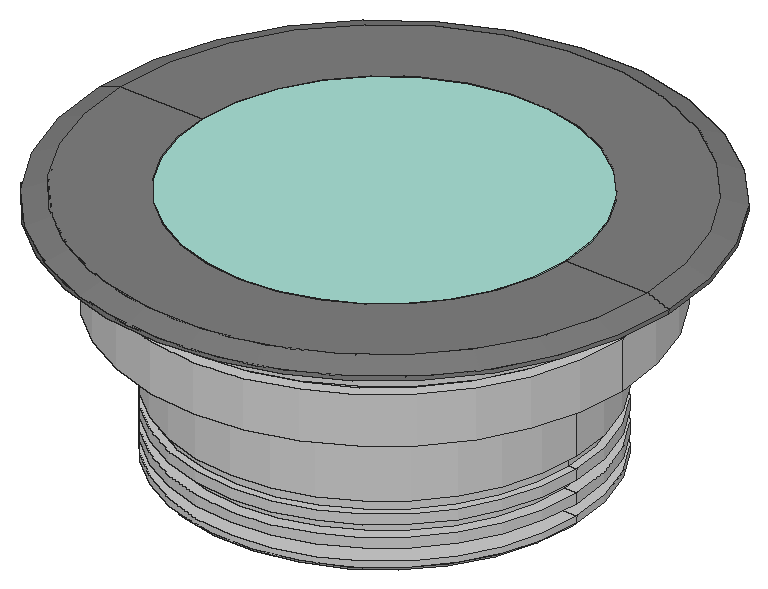
Revit family "Bright 5.F", category Lighting Fixtures, host Face, Revit 2017 (continued)
Types (16, lengths in mm): name | Wattage | Power | Photometric Web File | Optics | built-in parameter 1150142 | built-in parameter 1150105 | Lumens | built-in parameter 1150106 | Apparent Load Phase 1
    2338.52 2068.99 \r\n1785.78 1526.67 1280.25 1073.26 898.07 739.88 616.51 \r\n519.26 440.33 378.20 325.15 281.19 245.64 214.02 187.04 \r\n164.62 144.18 126.80 111.50 97.85 86.70 76.66 67.86 60.40 \r\n53.99 48.15 43.00 38.59 34.54 30.78 27.37 24.04 21.12 \r\n18.70 16.54 14.90 13.59 12.49 11.48 10.52 9.65 8.78 7.93 \r\n7.13 6.28 5.45 4.72 4.07 3.53 3.04 2.62 2.28 2.00 1.76 \r\n1.58 1.42 1.28 1.16 1.04 0.95 0.85 0.77 0.70 0.62 0.54 \r\n0.46 0.39 0.32 0.27 0.24 0.22 0.19 0.18 0.16 0.15 0.14 \r\n0.12 0.11 0.10 0.08 0.07 0.04 0.02 0.00 0.00 0.00 0.00 \r\n0.00 0.00 0.00 0.00 0.00 0.00 0.00 0.00 0.00 0.00 0.00 \r\n0.00 0.00 0.00 0.00 0.00 0.00 0.00 0.00 0.00 0.00 0.00 \r\n0.00 0.00 0.00 0.00 0.00 0.00 0.00 0.00 0.00 0.00 0.00 \r\n0.00 0.00 0.00 0.00 0.00 0.00 0.00 0.00 0.00 0.00 0.00 \r\n0.00 0.00 0.00 0.00 0.00 0.00 0.00 0.00 0.00 0.00 0.00 \r\n0.00 0.00 0.00 0.00 0.00 0.00 0.00 0.00 0.00 0.00 0.00 \r\n0.00 0.00 0.00 0.00 0.00 0.00 0.00 0.00 0.00 0.00 0.00 \r\n0.00 0.00 0.00 0.00 0.00 0.00 0.00 0.00 0.00 0.00 \r\n3191.58 3133.44 2996.91 2818.58 2575.12 2308.48 2034.18 \r\n1773.94 1504.63 1258.06 1048.57 870.19 718.32 595.21 \r\n503.44 425.48 365.08 313.49 272.58 236.95 206.20 180.31 \r\n158.65 138.66 121.41 106.64 94.06 83.23 73.21 65.11 57.87 \r\n51.64 46.15 41.35 37.08 33.46 29.87 26.48 23.38 20.69 \r\n18.38 16.38 14.75 13.44 12.32 11.31 10.41 9.50 8.63 7.75 \r\n6.83 5.94 5.21 4.54 4.00 3.54 3.11 2.73 2.37 2.05 1.79 \r\n1.60 1.44 1.30 1.17 1.07 0.96 0.86 0.78 0.71 0.63 0.55 \r\n0.47 0.40 0.33 0.28 0.24 0.21 0.20 0.18 0.16 0.15 0.14 \r\n0.12 0.11 0.10 0.08 0.07 0.05 0.03 0.01 0.00 0.00 0.00 \r\n0.00 0.00 0.00 0.00 0.00 0.00 0.00 0.00 0.00 0.00 0.00 \r\n0.00 0.00 0.00 0.00 0.00 0.00 0.00 0.00 0.00 0.00 0.00 \r\n0.00 0.00 0.00 0.00 0.00 0.00 0.00 0.00 0.00 0.00 0.00 \r\n0.00 0.00 0.00 0.00 0.00 0.00 0.00 0.00 0.00 0.00 0.00 \r\n0.00 0.00 0.00 0.00 0.00 0.00 0.00 0.00 0.00 0.00 0.00 \r\n0.00 0.00 0.00 0.00 0.00 0.00 0.00 0.00 0.00 0.00 0.00 \r\n0.00 0.00 0.00 0.00 0.00 0.00 0.00 0.00 0.00 0.00 0.00 \r\n0.00 0.00 0.00 0.00 0.00 0.00 0.00 0.00 0.00 0.00 \r\n3191.58 3141.60 3014.49 2819.51 2577.97 2298.61 2008.39 \r\n1732.85 1465.31 1219.36 1009.65 829.68 689.04 570.24 \r\n478.50 408.64 347.22 300.14 259.25 226.25 197.74 171.89 \r\n150.19 131.59 115.64 101.46 89.27 78.58 69.61 61.71 54.92 \r\n49.00 43.76 39.36 35.47 31.83 28.48 25.31 22.55 20.18 \r\n17.96 16.13 14.60 13.26 12.08 11.07 10.08 9.13 8.17 7.20 \r\n6.34 5.60 4.96 4.40 3.91 3.47 3.07 2.71 2.39 2.10 1.84 \r\n1.63 1.44 1.30 1.18 1.07 0.97 0.88 0.79 0.69 0.61 0.54 \r\n0.46 0.39 0.32 0.27 0.23 0.21 0.19 0.17 0.16 0.15 0.13 \r\n0.12 0.11 0.10 0.08 0.07 0.05 0.02 0.01 0.00 0.00 0.00 \r\n0.00 0.00 0.00 0.00 0.00 0.00 0.00 0.00 0.00 0.00 0.00 \r\n0.00 0.00 0.00 0.00 0.00 0.00 0.00 0.00 0.00 0.00 0.00 \r\n0.00 0.00 0.00 0.00 0.00 0.00 0.00 0.00 0.00 0.00 0.00 \r\n0.00 0.00 0.00 0.00 0.00 0.00 0.00 0.00 0.00 0.00 0.00 \r\n0.00 0.00 0.00 0.00 0.00 0.00 0.00 0.00 0.00 0.00 0.00 \r\n0.00 0.00 0.00 0.00 0.00 0.00 0.00 0.00 0.00 0.00 0.00 \r\n0.00 0.00 0.00 0.00 0.00 0.00 0.00 0.00 0.00 0.00 0.00 \r\n0.00 0.00 0.00 0.00 0.00 0.00 0.00 0.00 0.00 0.00 \r\n3191.58 3130.02 3015.32 2812.13 2561.33 2284.29 1987.17 \r\n1700.82 1426.45 1182.58 976.27 803.72 661.33 548.06 \r\n462.66 392.49 336.45 289.54 251.02 219.06 190.39 166.20 \r\n145.34 126.62 111.02 97.70 85.70 75.60 67.10 59.56 53.00 \r\n47.33 42.53 38.23 34.31 30.83 27.51 24.55 22.11 19.88 \r\n17.93 16.24 14.69 13.31 11.99 10.77 9.66 8.62 7.67 6.84 \r\n6.07 5.44 4.88 4.34 3.88 3.45 3.05 2.70 2.39 2.14 1.89 \r\n1.67 1.49 1.32 1.19 1.09 0.98 0.88 0.78 0.68 0.60 0.53 \r\n0.46 0.38 0.32 0.27 0.23 0.21 0.19 0.17 0.16 0.15 0.13 \r\n0.12 0.11 0.10 0.08 0.07 0.05 0.02 0.01 0.00 0.00 0.00 \r\n0.00 0.00 0.00 0.00 0.00 0.00 0.00 0.00 0.00 0.00 0.00 \r\n0.00 0.00 0.00 0.00 0.00 0.00 0.00 0.00 0.00 0.00 0.00 \r\n0.00 0.00 0.00 0.00 0.00 0.00 0.00 0.00 0.00 0.00 0.00 \r\n0.00 0.00 0.00 0.00 0.00 0.00 0.00 0.00 0.00 0.00 0.00 \r\n0.00 0.00 0.00 0.00 0.00 0.00 0.00 0.00 0.00 0.00 0.00 \r\n0.00 0.00 0.00 0.00 0.00 0.00 0.00 0.00 0.00 0.00 0.00 \r\n0.00 0.00 0.00 0.00 0.00 0.00 0.00 0.00 0.00 0.00 0.00 \r\n0.00 0.00 0.00 0.00 0.00 0.00 0.00 0.00 0.00 0.00 \r\n3191.58 3126.67 3000.43 2799.22 2547.85 2264.69 1968.84 \r\n1681.52 1407.24 1167.31 960.21 791.52 651.06 536.39 \r\n452.79 383.14 328.55 283.85 245.95 213.82 186.31 162.05 \r\n141.96 124.01 108.51 95.51 84.08 73.96 65.21 58.28 51.93 \r\n46.32 41.57 37.35 33.65 30.35 27.15 24.27 21.83 19.77 \r\n18.05 16.34 14.79 13.28 11.79 10.46 9.24 8.18 7.31 6.55 \r\n5.92 5.36 4.82 4.32 3.86 3.44 3.05 2.70 2.41 2.16 1.93 \r\n1.72 1.53 1.35 1.22 1.10 0.98 0.87 0.77 0.68 0.60 0.52 \r\n0.45 0.38 0.31 0.27 0.23 0.21 0.19 0.17 0.16 0.14 0.13 \r\n0.12 0.11 0.09 0.08 0.07 0.05 0.02 0.01 0.00 0.00 0.00 \r\n0.00 0.00 0.00 0.00 0.00 0.00 0.00 0.00 0.00 0.00 0.00 \r\n0.00 0.00 0.00 0.00 0.00 0.00 0.00 0.00 0.00 0.00 0.00 \r\n0.00 0.00 0.00 0.00 0.00 0.00 0.00 0.00 0.00 0.00 0.00 \r\n0.00 0.00 0.00 0.00 0.00 0.00 0.00 0.00 0.00 0.00 0.00 \r\n0.00 0.00 0.00 0.00 0.00 0.00 0.00 0.00 0.00 0.00 0.00 \r\n0.00 0.00 0.00 0.00 0.00 0.00 0.00 0.00 0.00 0.00 0.00 \r\n0.00 0.00 0.00 0.00 0.00 0.00 0.00 0.00 0.00 0.00 0.00 \r\n0.00 0.00 0.00 0.00 0.00 0.00 0.00 0.00 0.00 0.00 \r\n3191.58 3134.90 3011.02 2802.70 2545.89 2273.54 1963.98 \r\n1671.21 1404.44 1154.45 946.65 790.52 646.22 533.75 \r\n450.93 379.66 327.33 282.50 244.86 213.70 185.10 161.09 \r\n140.78 123.08 108.58 94.82 83.27 73.26 64.78 57.75 51.59 \r\n46.12 41.52 37.37 33.48 30.13 27.01 24.17 21.84 19.79 \r\n18.12 16.51 14.87 13.35 11.79 10.37 9.13 8.03 7.21 6.52 \r\n5.92 5.36 4.81 4.31 3.86 3.46 3.07 2.72 2.42 2.17 1.93 \r\n1.73 1.57 1.41 1.24 1.08 0.96 0.86 0.77 0.69 0.60 0.52 \r\n0.45 0.38 0.31 0.26 0.23 0.21 0.19 0.17 0.16 0.15 0.13 \r\n0.12 0.11 0.09 0.08 0.07 0.05 0.02 0.01 0.00 0.00 0.00 \r\n0.00 0.00 0.00 0.00 0.00 0.00 0.00 0.00 0.00 0.00 0.00 \r\n0.00 0.00 0.00 0.00 0.00 0.00 0.00 0.00 0.00 0.00 0.00 \r\n0.00 0.00 0.00 0.00 0.00 0.00 0.00 0.00 0.00 0.00 0.00 \r\n0.00 0.00 0.00 0.00 0.00 0.00 0.00 0.00 0.00 0.00 0.00 \r\n0.00 0.00 0.00 0.00 0.00 0.00 0.00 0.00 0.00 0.00 0.00 \r\n0.00 0.00 0.00 0.00 0.00 0.00 0.00 0.00 0.00 0.00 0.00 \r\n0.00 0.00 0.00 0.00 0.00 0.00 0.00 0.00 0.00 0.00 0.00 \r\n0.00 0.00 0.00 0.00 0.00 0.00 0.00 0.00 0.00 0.00 \r\n3191.58 3126.67 3000.43 2799.22 2547.85 2264.69 1968.84 \r\n1681.52 1407.24 1167.31 960.21 791.52 651.06 536.39 \r\n452.79 383.14 328.55 283.85 245.95 213.82 186.31 162.05 \r\n141.96 124.01 108.51 95.51 84.08 73.96 65.21 58.28 51.93 \r\n46.32 41.57 37.35 33.65 30.35 27.15 24.27 21.83 19.77 \r\n18.05 16.34 14.79 13.28 11.79 10.46 9.24 8.18 7.31 6.55 \r\n5.92 5.36 4.82 4.32 3.86 3.44 3.05 2.70 2.41 2.16 1.93 \r\n1.72 1.53 1.35 1.22 1.10 0.98 0.87 0.77 0.68 0.60 0.52 \r\n0.45 0.38 0.31 0.27 0.23 0.21 0.19 0.17 0.16 0.14 0.13 \r\n0.12 0.11 0.09 0.08 0.07 0.05 0.02 0.01 0.00 0.00 0.00 \r\n0.00 0.00 0.00 0.00 0.00 0.00 0.00 0.00 0.00 0.00 0.00 \r\n0.00 0.00 0.00 0.00 0.00 0.00 0.00 0.00 0.00 0.00 0.00 \r\n0.00 0.00 0.00 0.00 0.00 0.00 0.00 0.00 0.00 0.00 0.00 \r\n0.00 0.00 0.00 0.00 0.00 0.00 0.00 0.00 0.00 0.00 0.00 \r\n0.00 0.00 0.00 0.00 0.00 0.00 0.00 0.00 0.00 0.00 0.00 \r\n0.00 0.00 0.00 0.00 0.00 0.00 0.00 0.00 0.00 0.00 0.00 \r\n0.00 0.00 0.00 0.00 0.00 0.00 0.00 0.00 0.00 0.00 0.00 \r\n0.00 0.00 0.00 0.00 0.00 0.00 0.00 0.00 0.00 0.00 \r\n3191.58 3130.02 3015.32 2812.13 2561.33 2284.29 1987.17 \r\n1700.82 1426.45 1182.58 976.27 803.72 661.33 548.06 \r\n462.66 392.49 336.45 289.54 251.02 219.06 190.39 166.20 \r\n145.34 126.62 111.02 97.70 85.70 75.60 67.10 59.56 53.00 \r\n47.33 42.53 38.23 34.31 30.83 27.51 24.55 22.11 19.88 \r\n17.93 16.24 14.69 13.31 11.99 10.77 9.66 8.62 7.67 6.84 \r\n6.07 5.44 4.88 4.34 3.88 3.45 3.05 2.70 2.39 2.14 1.89 \r\n1.67 1.49 1.32 1.19 1.09 0.98 0.88 0.78 0.68 0.60 0.53 \r\n0.46 0.38 0.32 0.27 0.23 0.21 0.19 0.17 0.16 0.15 0.13 \r\n0.12 0.11 0.10 0.08 0.07 0.05 0.02 0.01 0.00 0.00 0.00 \r\n0.00 0.00 0.00 0.00 0.00 0.00 0.00 0.00 0.00 0.00 0.00 \r\n0.00 0.00 0.00 0.00 0.00 0.00 0.00 0.00 0.00 0.00 0.00 \r\n0.00 0.00 0.00 0.00 0.00 0.00 0.00 0.00 0.00 0.00 0.00 \r\n0.00 0.00 0.00 0.00 0.00 0.00 0.00 0.00 0.00 0.00 0.00 \r\n0.00 0.00 0.00 0.00 0.00 0.00 0.00 0.00 0.00 0.00 0.00 \r\n0.00 0.00 0.00 0.00 0.00 0.00 0.00 0.00 0.00 0.00 0.00 \r\n0.00 0.00 0.00 0.00 0.00 0.00 0.00 0.00 0.00 0.00 0.00 \r\n0.00 0.00 0.00 0.00 0.00 0.00 0.00 0.00 0.00 0.00 \r\n3191.58 3141.60 3014.49 2819.51 2577.97 2298.61 2008.39 \r\n1732.85 1465.31 1219.36 1009.65 829.68 689.04 570.24 \r\n478.50 408.64 347.22 300.14 259.25 226.25 197.74 171.89 \r\n150.19 131.59 115.64 101.46 89.27 78.58 69.61 61.71 54.92 \r\n49.00 43.76 39.36 35.47 31.83 28.48 25.31 22.55 20.18 \r\n17.96 16.13 14.60 13.26 12.08 11.07 10.08 9.13 8.17 7.20 \r\n6.34 5.60 4.96 4.40 3.91 3.47 3.07 2.71 2.39 2.10 1.84 \r\n1.63 1.44 1.30 1.18 1.07 0.97 0.88 0.79 0.69 0.61 0.54 \r\n0.46 0.39 0.32 0.27 0.23 0.21 0.19 0.17 0.16 0.15 0.13 \r\n0.12 0.11 0.10 0.08 0.07 0.05 0.02 0.01 0.00 0.00 0.00 \r\n0.00 0.00 0.00 0.00 0.00 0.00 0.00 0.00 0.00 0.00 0.00 \r\n0.00 0.00 0.00 0.00 0.00 0.00 0.00 0.00 0.00 0.00 0.00 \r\n0.00 0.00 0.00 0.00 0.00 0.00 0.00 0.00 0.00 0.00 0.00 \r\n0.00 0.00 0.00 0.00 0.00 0.00 0.00 0.00 0.00 0.00 0.00 \r\n0.00 0.00 0.00 0.00 0.00 0.00 0.00 0.00 0.00 0.00 0.00 \r\n0.00 0.00 0.00 0.00 0.00 0.00 0.00 0.00 0.00 0.00 0.00 \r\n0.00 0.00 0.00 0.00 0.00 0.00 0.00 0.00 0.00 0.00 0.00 \r\n0.00 0.00 0.00 0.00 0.00 0.00 0.00 0.00 0.00 0.00 \r\n3191.58 3133.44 2996.91 2818.58 2575.12 2308.48 2034.18 \r\n1773.94 1504.63 1258.06 1048.57 870.19 718.32 595.21 \r\n503.44 425.48 365.08 313.49 272.58 236.95 206.20 180.31 \r\n158.65 138.66 121.41 106.64 94.06 83.23 73.21 65.11 57.87 \r\n51.64 46.15 41.35 37.08 33.46 29.87 26.48 23.38 20.69 \r\n18.38 16.38 14.75 13.44 12.32 11.31 10.41 9.50 8.63 7.75 \r\n6.83 5.94 5.21 4.54 4.00 3.54 3.11 2.73 2.37 2.05 1.79 \r\n1.60 1.44 1.30 1.17 1.07 0.96 0.86 0.78 0.71 0.63 0.55 \r\n0.47 0.40 0.33 0.28 0.24 0.21 0.20 0.18 0.16 0.15 0.14 \r\n0.12 0.11 0.10 0.08 0.07 0.05 0.03 0.01 0.00 0.00 0.00 \r\n0.00 0.00 0.00 0.00 0.00 0.00 0.00 0.00 0.00 0.00 0.00 \r\n0.00 0.00 0.00 0.00 0.00 0.00 0.00 0.00 0.00 0.00 0.00 \r\n0.00 0.00 0.00 0.00 0.00 0.00 0.00 0.00 0.00 0.00 0.00 \r\n0.00 0.00 0.00 0.00 0.00 0.00 0.00 0.00 0.00 0.00 0.00 \r\n0.00 0.00 0.00 0.00 0.00 0.00 0.00 0.00 0.00 0.00 0.00 \r\n0.00 0.00 0.00 0.00 0.00 0.00 0.00 0.00 0.00 0.00 0.00 \r\n0.00 0.00 0.00 0.00 0.00 0.00 0.00 0.00 0.00 0.00 0.00 \r\n0.00 0.00 0.00 0.00 0.00 0.00 0.00 0.00 0.00 0.00 \r\n3191.58 3134.49 3025.99 2841.53 2599.19 2338.52 2068.99 \r\n1785.78 1526.67 1280.25 1073.26 898.07 739.88 616.51 \r\n519.26 440.33 378.20 325.15 281.19 245.64 214.02 187.04 \r\n164.62 144.18 126.80 111.50 97.85 86.70 76.66 67.86 60.40 \r\n53.99 48.15 43.00 38.59 34.54 30.78 27.37 24.04 21.12 \r\n18.70 16.54 14.90 13.59 12.49 11.48 10.52 9.65 8.78 7.93 \r\n7.13 6.28 5.45 4.72 4.07 3.53 3.04 2.62 2.28 2.00 1.76 \r\n1.58 1.42 1.28 1.16 1.04 0.95 0.85 0.77 0.70 0.62 0.54 \r\n0.46 0.39 0.32 0.27 0.24 0.22 0.19 0.18 0.16 0.15 0.14 \r\n0.12 0.11 0.10 0.08 0.07 0.04 0.02 0.00 0.00 0.00 0.00 \r\n0.00 0.00 0.00 0.00 0.00 0.00 0.00 0.00 0.00 0.00 0.00 \r\n0.00 0.00 0.00 0.00 0.00 0.00 0.00 0.00 0.00 0.00 0.00 \r\n0.00 0.00 0.00 0.00 0.00 0.00 0.00 0.00 0.00 0.00 0.00 \r\n0.00 0.00 0.00 0.00 0.00 0.00 0.00 0.00 0.00 0.00 0.00 \r\n0.00 0.00 0.00 0.00 0.00 0.00 0.00 0.00 0.00 0.00 0.00 \r\n0.00 0.00 0.00 0.00 0.00 0.00 0.00 0.00 0.00 0.00 0.00 \r\n0.00 0.00 0.00 0.00 0.00 0.00 0.00 0.00 0.00 0.00 0.00 \r\n0.00 0.00 0.00 0.00 0.00 0.00 0.00 0.00 0.00 0.00 \r\n3191.58 3145.92 3010.90 2842.45 2632.50 2394.35 2136.13 \r\n1877.34 1632.20 1394.08 1181.60 1000.13 835.56 698.97 \r\n591.01 501.44 427.53 366.40 316.57 275.00 240.51 210.32 \r\n184.96 162.38 143.04 125.47 110.19 97.47 86.39 76.41 \r\n68.04 60.67 54.03 48.19 42.95 38.45 34.35 30.36 26.72 \r\n23.37 20.43 17.95 15.95 14.52 13.27 12.13 11.11 10.17 \r\n9.25 8.44 7.60 6.80 6.01 5.23 4.46 3.72 3.14 2.68 2.34 \r\n2.07 1.84 1.64 1.47 1.32 1.20 1.08 0.97 0.88 0.79 0.72 \r\n0.65 0.58 0.49 0.42 0.35 0.29 0.25 0.23 0.20 0.19 0.17 \r\n0.16 0.14 0.13 0.11 0.10 0.09 0.07 0.05 0.02 0.01 0.00 \r\n0.00 0.00 0.00 0.00 0.00 0.00 0.00 0.00 0.00 0.00 0.00 \r\n0.00 0.00 0.00 0.00 0.00 0.00 0.00 0.00 0.00 0.00 0.00 \r\n0.00 0.00 0.00 0.00 0.00 0.00 0.00 0.00 0.00 0.00 0.00 \r\n0.00 0.00 0.00 0.00 0.00 0.00 0.00 0.00 0.00 0.00 0.00 \r\n0.00 0.00 0.00 0.00 0.00 0.00 0.00 0.00 0.00 0.00 0.00 \r\n0.00 0.00 0.00 0.00 0.00 0.00 0.00 0.00 0.00 0.00 0.00 \r\n0.00 0.00 0.00 0.00 0.00 0.00 0.00 0.00 0.00 0.00 0.00 \r\n0.00 0.00 0.00 0.00 0.00 0.00 0.00 0.00 0.00 0.00 0.00 \r\n0.00 \r\n3191.58 3139.42 3047.12 2913.19 2719.69 2491.20 2244.85 \r\n1998.11 1749.76 1510.65 1290.17 1098.39 923.75 781.84 \r\n663.90 561.16 480.32 411.14 355.04 307.27 267.37 234.53 \r\n205.87 180.63 158.54 139.22 122.93 108.86 96.48 85.39 \r\n75.80 67.51 59.81 53.44 47.49 42.44 37.73 33.41 29.38 \r\n25.69 22.39 19.55 17.22 15.46 14.04 12.82 11.72 10.67 \r\n9.66 8.73 7.83 6.94 6.09 5.28 4.57 3.91 3.34 2.84 2.45 \r\n2.14 1.90 1.70 1.52 1.37 1.23 1.11 1.00 0.90 0.81 0.73 \r\n0.66 0.59 0.51 0.43 0.36 0.30 0.26 0.23 0.21 0.19 0.17 \r\n0.16 0.15 0.13 0.12 0.10 0.09 0.07 0.05 0.02 0.00 0.00 \r\n0.00 0.00 0.00 0.00 0.00 0.00 0.00 0.00 0.00 0.00 0.00 \r\n0.00 0.00 0.00 0.00 0.00 0.00 0.00 0.00 0.00 0.00 0.00 \r\n0.00 0.00 0.00 0.00 0.00 0.00 0.00 0.00 0.00 0.00 0.00 \r\n0.00 0.00 0.00 0.00 0.00 0.00 0.00 0.00 0.00 0.00 0.00 \r\n0.00 0.00 0.00 0.00 0.00 0.00 0.00 0.00 0.00 0.00 0.00 \r\n0.00 0.00 0.00 0.00 0.00 0.00 0.00 0.00 0.00 0.00 0.00 \r\n0.00 0.00 0.00 0.00 0.00 0.00 0.00 0.00 0.00 0.00 0.00 \r\n0.00 0.00 0.00 0.00 0.00 0.00 0.00 0.00 0.00 0.00 0.00 \r\n0.00 \r\n3191.58 3147.45 3077.83 2935.09 2754.70 2547.61 2321.01 \r\n2083.49 1842.98 1616.50 1402.05 1217.86 1037.56 881.11 \r\n754.16 644.58 554.46 474.07 407.46 353.31 305.68 265.56 \r\n233.48 203.71 179.64 157.56 138.88 122.70 108.43 96.18 \r\n85.45 75.80 67.41 59.89 53.21 47.40 42.06 37.23 32.74 \r\n28.66 24.92 21.80 19.07 16.93 15.17 13.73 12.42 11.24 \r\n10.13 9.05 8.02 7.04 6.14 5.30 4.61 4.03 3.52 3.06 2.65 \r\n2.29 2.00 1.78 1.59 1.43 1.29 1.15 1.04 0.94 0.84 0.76 \r\n0.67 0.59 0.52 0.44 0.37 0.31 0.27 0.24 0.22 0.20 0.18 \r\n0.16 0.15 0.13 0.12 0.10 0.09 0.07 0.05 0.02 0.01 0.00 \r\n0.00 0.00 0.00 0.00 0.00 0.00 0.00 0.00 0.00 0.00 0.00 \r\n0.00 0.00 0.00 0.00 0.00 0.00 0.00 0.00 0.00 0.00 0.00 \r\n0.00 0.00 0.00 0.00 0.00 0.00 0.00 0.00 0.00 0.00 0.00 \r\n0.00 0.00 0.00 0.00 0.00 0.00 0.00 0.00 0.00 0.00 0.00 \r\n0.00 0.00 0.00 0.00 0.00 0.00 0.00 0.00 0.00 0.00 0.00 \r\n0.00 0.00 0.00 0.00 0.00 0.00 0.00 0.00 0.00 0.00 0.00 \r\n0.00 0.00 0.00 0.00 0.00 0.00 0.00 0.00 0.00 0.00 0.00 \r\n0.00 0.00 0.00 0.00 0.00 0.00 0.00 0.00 0.00 0.00 0.00 \r\n0.00 \r\n3191.58 3170.86 3087.68 2964.34 2799.97 2617.47 2403.18 \r\n2180.99 1966.62 1750.60 1546.02 1355.81 1172.74 1018.66 \r\n885.81 760.92 654.34 563.18 485.45 419.24 362.53 314.62 \r\n273.99 238.69 208.88 182.26 160.34 141.45 124.88 111.02 \r\n97.92 87.06 77.53 68.80 60.96 54.01 47.76 42.18 37.07 \r\n32.61 28.48 24.82 21.76 19.07 16.86 14.98 13.41 11.99 \r\n10.69 9.45 8.29 7.23 6.31 5.50 4.79 4.20 3.71 3.27 2.86 \r\n2.50 2.19 1.91 1.69 1.51 1.36 1.22 1.10 0.98 0.88 0.78 \r\n0.68 0.60 0.53 0.45 0.38 0.32 0.28 0.25 0.22 0.20 0.19 \r\n0.17 0.15 0.14 0.12 0.11 0.09 0.08 0.05 0.02 0.00 0.00 \r\n0.00 0.00 0.00 0.00 0.00 0.00 0.00 0.00 0.00 0.00 0.00 \r\n0.00 0.00 0.00 0.00 0.00 0.00 0.00 0.00 0.00 0.00 0.00 \r\n0.00 0.00 0.00 0.00 0.00 0.00 0.00 0.00 0.00 0.00 0.00 \r\n0.00 0.00 0.00 0.00 0.00 0.00 0.00 0.00 0.00 0.00 0.00 \r\n0.00 0.00 0.00 0.00 0.00 0.00 0.00 0.00 0.00 0.00 0.00 \r\n0.00 0.00 0.00 0.00 0.00 0.00 0.00 0.00 0.00 0.00 0.00 \r\n0.00 0.00 0.00 0.00 0.00 0.00 0.00 0.00 0.00 0.00 0.00 \r\n0.00 0.00 0.00 0.00 0.00 0.00 0.00 0.00 0.00 0.00 0.00 \r\n0.00 \r\n3191.58 3174.85 3102.63 2992.50 2849.63 2684.44 2494.17 \r\n2296.99 2100.84 1897.18 1707.45 1524.73 1346.97 1190.85 \r\n1049.39 919.79 799.66 693.91 601.76 521.45 448.90 386.97 \r\n335.29 291.10 252.78 219.67 192.22 167.96 148.26 129.81 \r\n115.01 101.72 90.07 79.94 70.86 62.97 55.55 49.03 43.04 \r\n37.65 32.82 28.83 25.18 22.09 19.35 16.86 14.74 12.96 \r\n11.43 10.01 8.72 7.64 6.68 5.82 5.12 4.50 3.95 3.48 3.08 \r\n2.71 2.39 2.10 1.84 1.63 1.45 1.31 1.17 1.04 0.91 0.80 \r\n0.70 0.62 0.54 0.47 0.39 0.34 0.29 0.26 0.23 0.21 0.19 \r\n0.18 0.16 0.14 0.13 0.11 0.09 0.08 0.05 0.02 0.01 0.00 \r\n0.00 0.00 0.00 0.00 0.00 0.00 0.00 0.00 0.00 0.00 0.00 \r\n0.00 0.00 0.00 
